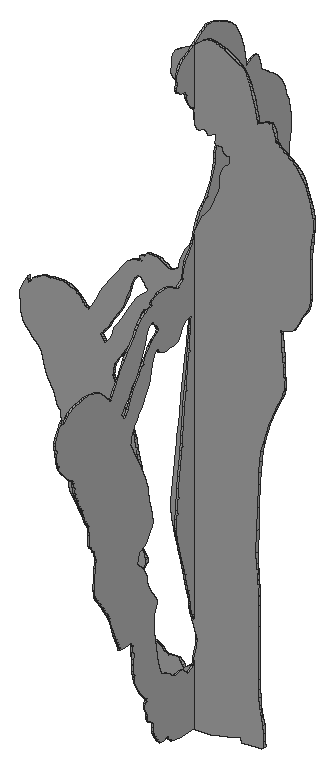
Revit family
Parameters
  built-in parameter 1005198 = (empty or 0)
  built-in parameter 1005195 = "d:\\byoh\\M25_HOL1_Santa.rpc"
Reference planes
  plane 1 "Center (Front/Back)": y = 0
  plane 2: z = 0
  plane 3 "Center (Left/Right)": x = 0
Forms (mm)
  Extrusion 1, solid, material "Sombra escala"
    sketch origin (0, 0, 0) x (1, 0, 0) y (0, 0, 1)
      loop
        line (65.516, 1395.624) -> (51.919, 1368.428) -> (44.502, 1357.303) -> (38.321, 1349.886) -> (30.904, 1342.469) -> (24.723, 1333.816) -> (13.598, 1312.801) -> (4.945, 1293.022) -> (2.472, 1285.606) -> (0, 1279.425) -> (-4.945, 1262.119) -> (-11.125, 1250.993) -> (-19.779, 1238.631) -> (-29.668, 1223.798) -> (-35.849, 1205.255) -> (-39.557, 1186.713) -> (-39.212, 1182.223) -> (-60.572, 1169.407) -> (-67.989, 1171.879) -> (-76.642, 1178.06) -> (-86.531, 1183.004) -> (-93.948, 1186.713) -> (-103.837, 1187.949) -> (-126.088, 1187.949) -> (-133.505, 1185.477) -> (-140.922, 1179.296) -> (-149.575, 1175.587) -> (-152.048, 1174.351) -> (-153.284, 1171.879) -> (-153.284, 1168.17) -> (-147.103, 1164.462) -> (-163.173, 1160.753) -> (-176.771, 1154.573) -> (-189.132, 1147.156) -> (-200.258, 1133.558) -> (-207.675, 1123.669) -> (-216.328, 1111.307) -> (-239.815, 1080.403) -> (-250.94, 1065.569) -> (-260.83, 1051.971) -> (-268.247, 1040.846) -> (-271.955, 1032.193) -> (-286.789, 1004.997) -> (-295.442, 992.636) -> (-301.065, 985.139) -> (-303.196, 985.444) -> (-310.276, 990.163) -> (-317.693, 996.344) -> (-325.11, 1003.761) -> (-339.944, 1018.595) -> (-358.486, 1027.248) -> (-377.029, 1030.957) -> (-395.571, 1029.721) -> (-404.224, 1028.484) -> (-411.641, 1027.248) -> (-425.239, 1026.012) -> (-437.6, 1022.304) -> (-451.198, 1016.123) -> (-457.379, 1011.178) -> (-462.324, 1007.47) -> (-467.268, 1000.053) -> (-470.977, 995.108) -> (-473.449, 993.872) -> (-475.921, 996.344) -> (-477.157, 1000.053) -> (-477.157, 1007.47) -> (-478.394, 1006.234) -> (-480.866, 1002.525) -> (-489.519, 987.691) -> (-498.172, 970.385) -> (-500.644, 960.496) -> (-500.644, 950.606) -> (-499.408, 930.828) -> (-496.936, 911.049) -> (-491.991, 892.507) -> (-489.519, 885.09) -> (-485.811, 880.145) -> (-475.921, 869.02) -> (-463.56, 855.422) -> (-449.962, 841.824) -> (-438.961, 833.362) -> (-437.6, 824.518) -> (-428.947, 789.906) -> (-422.766, 773.836) -> (-416.586, 760.238) -> (-411.641, 750.349) -> (-407.933, 745.404) -> (-404.224, 741.696) -> (-401.752, 735.515) -> (-394.335, 708.319) -> (-390.626, 702.138) -> (-386.918, 697.194) -> (-383.209, 692.249) -> (-380.737, 684.832) -> (-378.265, 667.526) -> (-378.265, 639.094) -> (-374.556, 632.913) -> (-369.612, 626.733) -> (-365.903, 620.552) -> (-363.431, 618.08) -> (-361.339, 620.172) -> (-358.486, 610.663) -> (-354.778, 595.829) -> (-353.542, 590.884) -> (-353.542, 587.176) -> (-354.778, 582.231) -> (-356.014, 572.342) -> (-358.486, 545.146) -> (-359.722, 516.715) -> (-358.486, 504.353) -> (-356.014, 495.7) -> (-352.305, 488.283) -> (-346.125, 479.63) -> (-332.527, 459.851) -> (-320.165, 441.309) -> (-313.984, 432.656) -> (-310.276, 426.475) -> (-306.567, 417.822) -> (-300.387, 404.224) -> (-286.789, 368.375) -> (-280.608, 351.069) -> (-274.427, 336.235) -> (-270.719, 325.11) -> (-268.865, 321.401) -> (-265.774, 321.401) -> (-258.357, 320.165) -> (-249.704, 320.165) -> (-242.287, 321.401) -> (-234.87, 323.874) -> (-227.837, 325.28) -> (-223.745, 310.276) -> (-220.036, 276.9) -> (-220.036, 259.593) -> (-218.8, 242.287) -> (-216.328, 227.453) -> (-213.856, 213.856) -> (-202.73, 190.369) -> (-189.132, 170.59) -> (-181.715, 163.173) -> (-176.771, 155.756) -> (-173.062, 152.048) -> (-171.826, 150.811) -> (-173.062, 148.339) -> (-176.771, 140.922) -> (-178.007, 133.505) -> (-178.007, 127.324) -> (-174.298, 121.144) -> (-170.59, 113.727) -> (-169.354, 106.31) -> (-169.354, 101.365) -> (-169.354, 97.657) -> (-166.881, 92.712) -> (-161.937, 87.767) -> (-153.284, 84.059) -> (-149.575, 81.587) -> (-147.103, 77.878) -> (-145.867, 66.753) -> (-145.867, 54.391) -> (-142.158, 43.266) -> (-129.797, 23.487) -> (-123.616, 17.306) -> (-116.199, 16.07) -> (-110.018, 17.306) -> (-87.992, 26.746) -> (-90.24, 22.251) -> (-91.476, 13.598) -> (-89.003, 9.889) -> (-82.823, 4.945) -> (-70.461, 1.236) -> (-61.808, 1.236) -> (-51.919, 0) -> (0, 0) -> (53.155, 3.708) -> (77.878, 8.653) -> (101.365, 13.598) -> (123.616, 21.015) -> (142.158, 29.668) -> (140.922, 25.959) -> (140.922, 19.779) -> (142.158, 16.07) -> (142.158, 13.598) -> (150.811, 13.598) -> (171.826, 14.834) -> (192.841, 17.306) -> (201.494, 19.779) -> (207.675, 23.487) -> (206.439, 39.557) -> (206.439, 58.099) -> (203.966, 79.114) -> (200.258, 98.893) -> (196.549, 111.254) -> (194.077, 127.324) -> (192.841, 147.103) -> (191.605, 169.354) -> (190.369, 194.077) -> (190.369, 332.527) -> (191.605, 385.682) -> (191.605, 410.405) -> (190.369, 431.42) -> (189.132, 451.198) -> (187.896, 466.032) -> (185.424, 493.228) -> (184.188, 521.659) -> (186.66, 579.759) -> (189.132, 640.33) -> (191.605, 702.138) -> (192.841, 731.806) -> (195.313, 761.474) -> (199.022, 788.67) -> (205.202, 814.629) -> (220.036, 864.075) -> (239.815, 912.285) -> (244.76, 922.175) -> (249.704, 930.828) -> (257.121, 945.662) -> (262.066, 958.023) -> (265.774, 974.093) -> (265.774, 996.344) -> (264.538, 1012.414) -> (263.302, 1030.957) -> (262.066, 1054.444) -> (259.593, 1081.639) -> (257.121, 1113.779) -> (256.155, 1123.759) -> (263.302, 1126.141) -> (273.191, 1129.849) -> (291.734, 1136.03) -> (295.442, 1138.503) -> (299.151, 1143.447) -> (306.567, 1157.045) -> (315.221, 1174.351) -> (328.818, 1192.894) -> (334.999, 1202.783) -> (339.944, 1215.144) -> (341.18, 1229.978) -> (342.416, 1246.048) -> (342.416, 1338.76) -> (343.652, 1363.484) -> (346.125, 1384.498) -> (348.597, 1400.568) -> (349.833, 1414.166) -> (349.833, 1443.834) -> (346.125, 1461.14) -> (341.18, 1483.391) -> (333.763, 1505.642) -> (327.582, 1524.184) -> (320.165, 1537.782) -> (313.984, 1548.907) -> (299.151, 1566.214) -> (284.317, 1577.339) -> (269.483, 1587.228) -> (255.885, 1597.118) -> (245.996, 1604.535) -> (243.523, 1607.007) -> (242.287, 1609.479) -> (242.287, 1611.952) -> (241.051, 1616.896) -> (238.579, 1629.258) -> (233.634, 1642.856) -> (231.162, 1647.8) -> (228.689, 1650.272) -> (223.745, 1650.272) -> (217.564, 1649.036) -> (208.911, 1646.564) -> (189.132, 1636.675) -> (189.132, 1637.911) -> (187.896, 1641.619) -> (186.66, 1652.745) -> (182.952, 1670.051) -> (178.007, 1691.066) -> (164.409, 1733.095) -> (155.756, 1751.638) -> (147.103, 1763.999) -> (135.978, 1772.652) -> (123.616, 1781.305) -> (93.948, 1796.139) -> (79.114, 1801.084) -> (66.753, 1804.792) -> (55.627, 1806.029) -> (48.21, 1806.029) -> (40.793, 1802.32) -> (30.904, 1796.139) -> (6.181, 1778.833) -> (-18.542, 1762.763) -> (-29.668, 1756.582) -> (-37.085, 1752.874) -> (-48.21, 1745.457) -> (-56.863, 1733.095) -> (-61.808, 1720.734) -> (-61.808, 1709.608) -> (-60.572, 1697.247) -> (-63.044, 1688.593) -> (-64.28, 1682.413) -> (-60.572, 1676.232) -> (-53.155, 1671.287) -> (-44.502, 1667.579) -> (-37.085, 1666.343) -> (-30.904, 1666.343) -> (-27.196, 1649.036) -> (-22.251, 1635.439) -> (-14.834, 1624.313) -> (-9.889, 1616.896) -> (-4.945, 1613.188) -> (-1.236, 1610.715) -> (1.236, 1609.479) -> (3.708, 1605.771) -> (4.945, 1595.881) -> (6.181, 1582.284) -> (7.417, 1569.922) -> (8.653, 1564.978) -> (11.125, 1562.505) -> (17.306, 1561.269) -> (22.251, 1563.741) -> (27.196, 1567.45) -> (30.904, 1568.686) -> (34.612, 1567.45) -> (38.321, 1564.978) -> (44.502, 1557.561) -> (48.21, 1558.797) -> (54.391, 1561.269) -> (60.572, 1564.978) -> (66.753, 1566.523) -> (66.753, 1552.616) -> (65.516, 1543.963) -> (66.753, 1541.49) -> (67.989, 1540.254) -> (84.059, 1540.254) -> (86.531, 1539.018) -> (87.767, 1534.074) -> (90.24, 1527.893) -> (95.184, 1522.948) -> (100.129, 1521.712) -> (106.31, 1521.712) -> (106.31, 1500.697) -> (105.074, 1500.697) -> (101.365, 1498.225) -> (96.42, 1494.516) -> (90.24, 1488.336) -> (81.587, 1471.029) -> (79.114, 1459.904) -> (79.114, 1445.07) -> (77.878, 1435.181) -> (75.406, 1422.819) -> (65.516, 1395.624)
      loop
        line (-178.007, 728.098) -> (-170.59, 707.083) -> (-168.118, 698.43) -> (-166.881, 691.013) -> (-163.173, 666.29) -> (-158.228, 644.039) -> (-152.048, 623.024) -> (-149.575, 603.246) -> (-154.52, 592.12) -> (-159.465, 583.467) -> (-165.645, 574.814) -> (-171.826, 562.452) -> (-175.535, 556.272) -> (-181.715, 551.327) -> (-195.313, 545.146) -> (-198.931, 544.744) -> (-206.439, 516.715) -> (-203.966, 515.478) -> (-200.258, 510.534) -> (-187.896, 496.936) -> (-176.771, 478.394) -> (-173.062, 469.74) -> (-170.59, 454.907) -> (-168.118, 447.49) -> (-159.465, 430.183) -> (-148.339, 414.113) -> (-139.686, 401.752) -> (-134.741, 391.862) -> (-134.741, 381.973) -> (-142.158, 367.139) -> (-144.631, 357.25) -> (-144.631, 327.994) -> (-147.384, 327.076) -> (-145.867, 316.457) -> (-142.158, 296.678) -> (-139.686, 273.191) -> (-135.978, 249.704) -> (-132.269, 231.162) -> (-128.561, 217.564) -> (-123.616, 206.439) -> (-119.907, 199.022) -> (-116.199, 194.077) -> (-114.345, 190.369) -> (-112.49, 190.369) -> (-108.782, 189.132) -> (-98.893, 185.424) -> (-86.531, 179.243) -> (-80.35, 173.062) -> (-75.406, 169.354) -> (-67.989, 168.118) -> (-49.446, 170.59) -> (-40.793, 169.354) -> (-33.376, 163.173) -> (-27.196, 155.756) -> (-25.876, 149.161) -> (-2.472, 164.409) -> (-1.236, 166.881) -> (0, 171.826) -> (2.472, 180.479) -> (6.181, 191.605) -> (11.125, 213.856) -> (12.362, 224.981) -> (13.598, 233.634) -> (12.362, 242.287) -> (9.889, 252.176) -> (1.236, 278.136) -> (-8.653, 304.095) -> (-11.125, 315.221) -> (-12.362, 325.11) -> (-12.362, 331.291) -> (-14.834, 338.708) -> (-16.07, 349.833) -> (-19.779, 360.958) -> (-25.959, 390.626) -> (-34.612, 422.766) -> (-43.266, 456.143) -> (-51.919, 487.047) -> (-58.099, 513.006) -> (-60.572, 522.895) -> (-61.808, 531.548) -> (-63.044, 547.619) -> (-63.044, 568.633) -> (-60.572, 593.356) -> (-55.627, 647.747) -> (-51.919, 676.179) -> (-48.21, 703.375) -> (-45.738, 728.098) -> (-44.502, 741.696) -> (-42.029, 759.002) -> (-40.793, 778.78) -> (-38.321, 801.031) -> (-33.376, 850.478) -> (-27.196, 902.396) -> (-22.251, 951.843) -> (-19.779, 974.093) -> (-17.306, 993.872) -> (-16.07, 1009.942) -> (-14.834, 1023.54) -> (-13.598, 1032.193) -> (-13.598, 1039.61) -> (-12.362, 1044.554) -> (-11.125, 1058.152) -> (-8.653, 1077.931) -> (-11.125, 1077.931) -> (-16.07, 1076.695) -> (-29.668, 1071.75) -> (-35.849, 1066.805) -> (-43.266, 1056.916) -> (-55.627, 1035.901) -> (-58.099, 1032.193) -> (-61.808, 1029.721) -> (-70.461, 1027.248) -> (-86.531, 1027.248) -> (-91.476, 1026.012) -> (-100.129, 1024.776) -> (-110.018, 1026.012) -> (-118.671, 1030.957) -> (-124.852, 1032.193) -> (-127.324, 1037.138) -> (-129.797, 1040.846) -> (-129.797, 1043.318) -> (-134.989, 1041.588) -> (-140.922, 1037.138) -> (-144.631, 1030.957) -> (-149.575, 1022.304) -> (-153.284, 1011.178) -> (-160.701, 979.038) -> (-165.645, 964.204) -> (-178.007, 939.481) -> (-190.369, 919.702) -> (-202.73, 902.396) -> (-207.675, 893.743) -> (-213.856, 885.09) -> (-223.745, 870.256) -> (-226.217, 867.475) -> (-226.217, 865.311) -> (-228.689, 852.95) -> (-229.926, 841.824) -> (-231.471, 837.189) -> (-229.926, 835.644) -> (-228.689, 831.935) -> (-224.981, 826.99) -> (-221.272, 818.337) -> (-211.383, 799.795) -> (-199.022, 776.308) -> (-178.007, 728.098)
      loop
        line (-174.298, 1043.318) -> (-160.701, 1061.861) -> (-154.52, 1069.278) -> (-149.575, 1072.986) -> (-140.922, 1079.167) -> (-133.505, 1086.584) -> (-128.561, 1091.529) -> (-127.324, 1094.001) -> (-129.797, 1095.237) -> (-133.505, 1097.709) -> (-137.214, 1103.89) -> (-138.45, 1110.071) -> (-143.394, 1112.543) -> (-147.103, 1116.252) -> (-149.575, 1121.196) -> (-149.575, 1124.287) -> (-153.284, 1122.433) -> (-156.992, 1119.96) -> (-160.701, 1116.252) -> (-166.881, 1111.307) -> (-171.826, 1103.89) -> (-176.771, 1092.765) -> (-180.479, 1079.167) -> (-190.369, 1050.735) -> (-200.258, 1026.012) -> (-212.619, 1004.997) -> (-224.981, 987.691) -> (-234.87, 974.093) -> (-242.287, 959.26) -> (-253.413, 945.662) -> (-259.593, 937.009) -> (-265.04, 931.562) -> (-252.486, 913.213) -> (-244.76, 920.939) -> (-237.343, 932.064) -> (-232.398, 945.662) -> (-227.453, 960.496) -> (-217.564, 975.33) -> (-197.785, 1004.997) -> (-192.841, 1012.414) -> (-187.896, 1022.304) -> (-174.298, 1043.318)
    from -2.5 to 2.5
  Extrusion 2, solid, material "Sombra escala"
    sketch origin (0, -1000, 0) x (0, 1, 0) y (0, 0, 1)
      loop
        line (1024.723, 1333.816) -> (1013.598, 1312.801) -> (1004.945, 1293.022) -> (1002.472, 1285.606) -> (1000, 1279.425) -> (995.055, 1262.119) -> (988.875, 1250.993) -> (980.221, 1238.631) -> (970.332, 1223.798) -> (964.151, 1205.255) -> (960.443, 1186.713) -> (960.788, 1182.223) -> (939.428, 1169.407) -> (932.011, 1171.879) -> (923.358, 1178.06) -> (913.469, 1183.004) -> (906.052, 1186.713) -> (896.163, 1187.949) -> (873.912, 1187.949) -> (866.495, 1185.477) -> (859.078, 1179.296) -> (850.425, 1175.587) -> (847.952, 1174.351) -> (846.716, 1171.879) -> (846.716, 1168.17) -> (852.897, 1164.462) -> (836.827, 1160.753) -> (823.229, 1154.573) -> (810.868, 1147.156) -> (799.742, 1133.558) -> (792.325, 1123.669) -> (783.672, 1111.307) -> (760.185, 1080.403) -> (749.06, 1065.569) -> (739.17, 1051.971) -> (731.753, 1040.846) -> (728.045, 1032.193) -> (713.211, 1004.997) -> (704.558, 992.636) -> (698.935, 985.139) -> (696.804, 985.444) -> (689.724, 990.163) -> (682.307, 996.344) -> (674.89, 1003.761) -> (660.056, 1018.595) -> (641.514, 1027.248) -> (622.971, 1030.957) -> (604.429, 1029.721) -> (595.776, 1028.484) -> (588.359, 1027.248) -> (574.761, 1026.012) -> (562.4, 1022.304) -> (548.802, 1016.123) -> (542.621, 1011.178) -> (537.676, 1007.47) -> (532.732, 1000.053) -> (529.023, 995.108) -> (526.551, 993.872) -> (524.079, 996.344) -> (522.843, 1000.053) -> (522.843, 1007.47) -> (521.606, 1006.234) -> (519.134, 1002.525) -> (510.481, 987.691) -> (501.828, 970.385) -> (499.356, 960.496) -> (499.356, 950.606) -> (500.592, 930.828) -> (503.064, 911.049) -> (508.009, 892.507) -> (510.481, 885.09) -> (514.189, 880.145) -> (524.079, 869.02) -> (536.44, 855.422) -> (550.038, 841.824) -> (561.039, 833.362) -> (562.4, 824.518) -> (571.053, 789.906) -> (577.234, 773.836) -> (583.414, 760.238) -> (588.359, 750.349) -> (592.067, 745.404) -> (595.776, 741.696) -> (598.248, 735.515) -> (605.665, 708.319) -> (609.374, 702.138) -> (613.082, 697.194) -> (616.791, 692.249) -> (619.263, 684.832) -> (621.735, 667.526) -> (621.735, 639.094) -> (625.444, 632.913) -> (630.388, 626.733) -> (634.097, 620.552) -> (636.569, 618.08) -> (638.661, 620.172) -> (641.514, 610.663) -> (645.222, 595.829) -> (646.458, 590.884) -> (646.458, 587.176) -> (645.222, 582.231) -> (643.986, 572.342) -> (641.514, 545.146) -> (640.278, 516.715) -> (641.514, 504.353) -> (643.986, 495.7) -> (647.695, 488.283) -> (653.875, 479.63) -> (667.473, 459.851) -> (679.835, 441.309) -> (686.016, 432.656) -> (689.724, 426.475) -> (693.433, 417.822) -> (699.613, 404.224) -> (713.211, 368.375) -> (719.392, 351.069) -> (725.573, 336.235) -> (729.281, 325.11) -> (731.135, 321.401) -> (734.226, 321.401) -> (741.643, 320.165) -> (750.296, 320.165) -> (757.713, 321.401) -> (765.13, 323.874) -> (772.163, 325.28) -> (776.255, 310.276) -> (779.964, 276.9) -> (779.964, 259.593) -> (781.2, 242.287) -> (783.672, 227.453) -> (786.144, 213.856) -> (797.27, 190.369) -> (810.868, 170.59) -> (818.285, 163.173) -> (823.229, 155.756) -> (826.938, 152.048) -> (828.174, 150.811) -> (826.938, 148.339) -> (823.229, 140.922) -> (821.993, 133.505) -> (821.993, 127.324) -> (825.702, 121.144) -> (829.41, 113.727) -> (830.646, 106.31) -> (830.646, 101.365) -> (830.646, 97.657) -> (833.119, 92.712) -> (838.063, 87.767) -> (846.716, 84.059) -> (850.425, 81.587) -> (852.897, 77.878) -> (854.133, 66.753) -> (854.133, 54.391) -> (857.842, 43.266) -> (870.203, 23.487) -> (876.384, 17.306) -> (883.801, 16.07) -> (889.982, 17.306) -> (912.008, 26.746) -> (909.76, 22.251) -> (908.524, 13.598) -> (910.997, 9.889) -> (917.177, 4.945) -> (929.539, 1.236) -> (938.192, 1.236) -> (948.081, 0) -> (1000, 0) -> (1053.155, 3.708) -> (1077.878, 8.653) -> (1101.365, 13.598) -> (1123.616, 21.015) -> (1142.158, 29.668) -> (1140.922, 25.959) -> (1140.922, 19.779) -> (1142.158, 16.07) -> (1142.158, 13.598) -> (1150.811, 13.598) -> (1171.826, 14.834) -> (1192.841, 17.306) -> (1201.494, 19.779) -> (1207.675, 23.487) -> (1206.439, 39.557) -> (1206.439, 58.099) -> (1203.966, 79.114) -> (1200.258, 98.893) -> (1196.549, 111.254) -> (1194.077, 127.324) -> (1192.841, 147.103) -> (1191.605, 169.354) -> (1190.369, 194.077) -> (1190.369, 332.527) -> (1191.605, 385.682) -> (1191.605, 410.405) -> (1190.369, 431.42) -> (1189.132, 451.198) -> (1187.896, 466.032) -> (1185.424, 493.228) -> (1184.188, 521.659) -> (1186.66, 579.759) -> (1189.132, 640.33) -> (1191.605, 702.138) -> (1192.841, 731.806) -> (1195.313, 761.474) -> (1199.022, 788.67) -> (1205.202, 814.629) -> (1220.036, 864.075) -> (1239.815, 912.285) -> (1244.76, 922.175) -> (1249.704, 930.828) -> (1257.121, 945.662) -> (1262.066, 958.023) -> (1265.774, 974.093) -> (1265.774, 996.344) -> (1264.538, 1012.414) -> (1263.302, 1030.957) -> (1262.066, 1054.444) -> (1259.593, 1081.639) -> (1257.121, 1113.779) -> (1256.155, 1123.759) -> (1263.302, 1126.141) -> (1273.191, 1129.849) -> (1291.734, 1136.03) -> (1295.442, 1138.503) -> (1299.151, 1143.447) -> (1306.567, 1157.045) -> (1315.221, 1174.351) -> (1328.818, 1192.894) -> (1334.999, 1202.783) -> (1339.944, 1215.144) -> (1341.18, 1229.978) -> (1342.416, 1246.048) -> (1342.416, 1338.76) -> (1343.652, 1363.484) -> (1346.125, 1384.498) -> (1348.597, 1400.568) -> (1349.833, 1414.166) -> (1349.833, 1443.834) -> (1346.125, 1461.14) -> (1341.18, 1483.391) -> (1333.763, 1505.642) -> (1327.582, 1524.184) -> (1320.165, 1537.782) -> (1313.984, 1548.907) -> (1299.151, 1566.214) -> (1284.317, 1577.339) -> (1269.483, 1587.228) -> (1255.885, 1597.118) -> (1245.996, 1604.535) -> (1243.523, 1607.007) -> (1242.287, 1609.479) -> (1242.287, 1611.952) -> (1241.051, 1616.896) -> (1238.579, 1629.258) -> (1233.634, 1642.856) -> (1231.162, 1647.8) -> (1228.689, 1650.272) -> (1223.745, 1650.272) -> (1217.564, 1649.036) -> (1208.911, 1646.564) -> (1189.132, 1636.675) -> (1189.132, 1637.911) -> (1187.896, 1641.619) -> (1186.66, 1652.745) -> (1182.952, 1670.051) -> (1178.007, 1691.066) -> (1164.409, 1733.095) -> (1155.756, 1751.638) -> (1147.103, 1763.999) -> (1135.978, 1772.652) -> (1123.616, 1781.305) -> (1093.948, 1796.139) -> (1079.114, 1801.084) -> (1066.753, 1804.792) -> (1055.627, 1806.029) -> (1048.21, 1806.029) -> (1040.793, 1802.32) -> (1030.904, 1796.139) -> (1006.181, 1778.833) -> (981.458, 1762.763) -> (970.332, 1756.582) -> (962.915, 1752.874) -> (951.79, 1745.457) -> (943.137, 1733.095) -> (938.192, 1720.734) -> (938.192, 1709.608) -> (939.428, 1697.247) -> (936.956, 1688.593) -> (935.72, 1682.413) -> (939.428, 1676.232) -> (946.845, 1671.287) -> (955.498, 1667.579) -> (962.915, 1666.343) -> (969.096, 1666.343) -> (972.804, 1649.036) -> (977.749, 1635.439) -> (985.166, 1624.313) -> (990.111, 1616.896) -> (995.055, 1613.188) -> (998.764, 1610.715) -> (1001.236, 1609.479) -> (1003.708, 1605.771) -> (1004.945, 1595.881) -> (1006.181, 1582.284) -> (1007.417, 1569.922) -> (1008.653, 1564.978) -> (1011.125, 1562.505) -> (1017.306, 1561.269) -> (1022.251, 1563.741) -> (1027.196, 1567.45) -> (1030.904, 1568.686) -> (1034.612, 1567.45) -> (1038.321, 1564.978) -> (1044.502, 1557.561) -> (1048.21, 1558.797) -> (1054.391, 1561.269) -> (1060.572, 1564.978) -> (1066.753, 1566.523) -> (1066.753, 1552.616) -> (1065.516, 1543.963) -> (1066.753, 1541.49) -> (1067.989, 1540.254) -> (1084.059, 1540.254) -> (1086.531, 1539.018) -> (1087.767, 1534.074) -> (1090.24, 1527.893) -> (1095.184, 1522.948) -> (1100.129, 1521.712) -> (1106.31, 1521.712) -> (1106.31, 1500.697) -> (1105.074, 1500.697) -> (1101.365, 1498.225) -> (1096.42, 1494.516) -> (1090.24, 1488.336) -> (1081.587, 1471.029) -> (1079.114, 1459.904) -> (1079.114, 1445.07) -> (1077.878, 1435.181) -> (1075.406, 1422.819) -> (1065.516, 1395.624) -> (1051.919, 1368.428) -> (1044.502, 1357.303) -> (1038.321, 1349.886) -> (1030.904, 1342.469) -> (1024.723, 1333.816)
      loop
        line (802.215, 1004.997) -> (807.159, 1012.414) -> (812.104, 1022.304) -> (825.702, 1043.318) -> (839.299, 1061.861) -> (845.48, 1069.278) -> (850.425, 1072.986) -> (859.078, 1079.167) -> (866.495, 1086.584) -> (871.439, 1091.529) -> (872.676, 1094.001) -> (870.203, 1095.237) -> (866.495, 1097.709) -> (862.786, 1103.89) -> (861.55, 1110.071) -> (856.606, 1112.543) -> (852.897, 1116.252) -> (850.425, 1121.196) -> (850.425, 1124.287) -> (846.716, 1122.433) -> (843.008, 1119.96) -> (839.299, 1116.252) -> (833.119, 1111.307) -> (828.174, 1103.89) -> (823.229, 1092.765) -> (819.521, 1079.167) -> (809.631, 1050.735) -> (799.742, 1026.012) -> (787.381, 1004.997) -> (775.019, 987.691) -> (765.13, 974.093) -> (757.713, 959.26) -> (746.587, 945.662) -> (740.407, 937.009) -> (734.96, 931.562) -> (747.514, 913.213) -> (755.24, 920.939) -> (762.657, 932.064) -> (767.602, 945.662) -> (772.547, 960.496) -> (782.436, 975.33) -> (802.215, 1004.997)
      loop
        line (966.624, 850.478) -> (972.804, 902.396) -> (977.749, 951.843) -> (980.221, 974.093) -> (982.694, 993.872) -> (983.93, 1009.942) -> (985.166, 1023.54) -> (986.402, 1032.193) -> (986.402, 1039.61) -> (987.638, 1044.554) -> (988.875, 1058.152) -> (991.347, 1077.931) -> (988.875, 1077.931) -> (983.93, 1076.695) -> (970.332, 1071.75) -> (964.151, 1066.805) -> (956.734, 1056.916) -> (944.373, 1035.901) -> (941.901, 1032.193) -> (938.192, 1029.721) -> (929.539, 1027.248) -> (913.469, 1027.248) -> (908.524, 1026.012) -> (899.871, 1024.776) -> (889.982, 1026.012) -> (881.329, 1030.957) -> (875.148, 1032.193) -> (872.676, 1037.138) -> (870.203, 1040.846) -> (870.203, 1043.318) -> (865.011, 1041.588) -> (859.078, 1037.138) -> (855.369, 1030.957) -> (850.425, 1022.304) -> (846.716, 1011.178) -> (839.299, 979.038) -> (834.355, 964.204) -> (821.993, 939.481) -> (809.631, 919.702) -> (797.27, 902.396) -> (792.325, 893.743) -> (786.144, 885.09) -> (776.255, 870.256) -> (773.783, 867.475) -> (773.783, 865.311) -> (771.311, 852.95) -> (770.074, 841.824) -> (768.529, 837.189) -> (770.074, 835.644) -> (771.311, 831.935) -> (775.019, 826.99) -> (778.728, 818.337) -> (788.617, 799.795) -> (800.978, 776.308) -> (821.993, 728.098) -> (829.41, 707.083) -> (831.882, 698.43) -> (833.119, 691.013) -> (836.827, 666.29) -> (841.772, 644.039) -> (847.952, 623.024) -> (850.425, 603.246) -> (845.48, 592.12) -> (840.535, 583.467) -> (834.355, 574.814) -> (828.174, 562.452) -> (824.465, 556.272) -> (818.285, 551.327) -> (804.687, 545.146) -> (801.069, 544.744) -> (793.561, 516.715) -> (796.034, 515.478) -> (799.742, 510.534) -> (812.104, 496.936) -> (823.229, 478.394) -> (826.938, 469.74) -> (829.41, 454.907) -> (831.882, 447.49) -> (840.535, 430.183) -> (851.661, 414.113) -> (860.314, 401.752) -> (865.259, 391.862) -> (865.259, 381.973) -> (857.842, 367.139) -> (855.369, 357.25) -> (855.369, 327.994) -> (852.616, 327.076) -> (854.133, 316.457) -> (857.842, 296.678) -> (860.314, 273.191) -> (864.022, 249.704) -> (867.731, 231.162) -> (871.439, 217.564) -> (876.384, 206.439) -> (880.093, 199.022) -> (883.801, 194.077) -> (885.655, 190.369) -> (887.51, 190.369) -> (891.218, 189.132) -> (901.107, 185.424) -> (913.469, 179.243) -> (919.65, 173.062) -> (924.594, 169.354) -> (932.011, 168.118) -> (950.554, 170.59) -> (959.207, 169.354) -> (966.624, 163.173) -> (972.804, 155.756) -> (974.124, 149.161) -> (997.528, 164.409) -> (998.764, 166.881) -> (1000, 171.826) -> (1002.472, 180.479) -> (1006.181, 191.605) -> (1011.125, 213.856) -> (1012.362, 224.981) -> (1013.598, 233.634) -> (1012.362, 242.287) -> (1009.889, 252.176) -> (1001.236, 278.136) -> (991.347, 304.095) -> (988.875, 315.221) -> (987.638, 325.11) -> (987.638, 331.291) -> (985.166, 338.708) -> (983.93, 349.833) -> (980.221, 360.958) -> (974.041, 390.626) -> (965.388, 422.766) -> (956.734, 456.143) -> (948.081, 487.047) -> (941.901, 513.006) -> (939.428, 522.895) -> (938.192, 531.548) -> (936.956, 547.619) -> (936.956, 568.633) -> (939.428, 593.356) -> (944.373, 647.747) -> (948.081, 676.179) -> (951.79, 703.375) -> (954.262, 728.098) -> (955.498, 741.696) -> (957.971, 759.002) -> (959.207, 778.78) -> (961.679, 801.031) -> (966.624, 850.478)
    from -2.5 to 2.5
